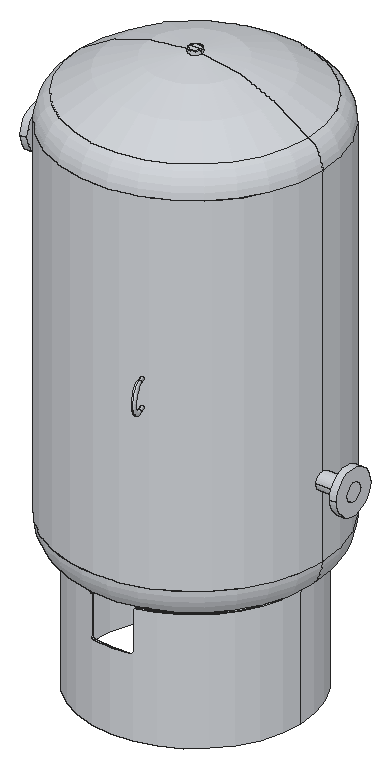
Revit family "HWBT-300-2-125 and 150", category Mechanical Equipment, Revit 2014
Parameters (values of type "HWBT-300-2-125 and 150")
  Tank Weight = "668 lbs @ 125, 735 lbs @ 150"
  Tank Volume = "300 Gal"
  Tank Height = "80 3/8\""
  Tank Diameter = "36\""
  Note = "All dimensions and weights are approximate"
  Maximum Acceptance Volume = "N/A"
  Max Operating Temp = "450° F"
  Max Operating Pressure = "125psi, or 150psi (depending on model)"
  Connector Size = "2\""
Reference planes (in)
  plane 1 "Center (Front/Back)": y = 0
  plane 2: z = 0
  plane 3 "Center (Left/Right)": x = 0
Forms (in)
  Sweep 1, solid
    path origin (0.00567, -0.22084, -0.12453) x (0.338389, -0.941006, 0) y (0, 0, 1)
      loop
        line (17.83546, 48.42089) -> (18.83546, 48.42089)
        arc (18.83546, 48.42089) -> (20.71046, 46.54589) -> (18.83546, 44.67089) r 1.875
        line (18.83546, 44.67089) -> (17.83546, 44.67089)
    profile origin (6.21019, -17.47463, 48.29636) x (0, 0, 1) y (-0.941006, -0.338389, 0)
      loop
        circle (0, 0) r 0.25
  Extrusion 2, solid
    sketch origin (0, 0, 0) x (0, 1, 0) y (0, 0, 1)
      loop
        circle (0, 32.125) r 1.19
    from 0 to 22.5
  Extrusion 3, solid
    sketch origin (0, 0, 0) x (0, 1, 0) y (0, 0, 1)
      loop
        circle (0, 63.125) r 1.19141
    from 0 to -22.5
  Extrusion 4, solid
    sketch origin (0, 0, 0) x (0, 1, 0) y (0, 0, 1)
      loop
        circle (0, 32.125) r 3
    from 21.5 to 22.5
  Extrusion 5, solid
    sketch origin (0, 0, 0) x (0, 1, 0) y (0, 0, 1)
      loop
        circle (0, 63.125) r 3
    from -21.5 to -22.5
  Extrusion 6, solid
    sketch origin (0, 0, 0) x (1, 0, 0) y (0, 1, 0)
      loop
        circle (0, 0) r 15
      loop
        circle (0, 0) r 14.8125
    from 0 to 17
  Extrusion 7, void
    sketch origin (0, 0, 0) x (1, 0, 0) y (0, 0, 1)
      loop
        arc (-3.4137, 17) -> (-3.12117, 16.87883) -> (-3, 16.5863) r 0.4137
        line (-3, 16.5863) -> (-3, 11.4137)
        arc (-3, 11.4137) -> (-2.87883, 11.12117) -> (-2.5863, 11) r 0.4137
        line (-2.5863, 11) -> (2.5863, 11)
        arc (2.5863, 11) -> (2.87883, 11.12117) -> (3, 11.4137) r 0.4137
        line (3, 11.4137) -> (3, 16.5863)
        arc (3, 16.5863) -> (3.12117, 16.87883) -> (3.4137, 17) r 0.4137
        line (3.4137, 17) -> (3.45066, 17.20962) -> (-3.4137, 17.20962) -> (-3.4137, 17)
    from 0 to 18
  Extrusion 8, void
    sketch origin (0, 0, 0) x (1, 0, 0) y (0, 0, 1)
      loop
        line (-6, 17) -> (-6, 2.4137)
        arc (-6, 2.4137) -> (-5.87883, 2.12117) -> (-5.5863, 2) r 0.4137
        line (-5.5863, 2) -> (5.5863, 2)
        arc (5.5863, 2) -> (5.87883, 2.12117) -> (6, 2.4137) r 0.4137
        line (6, 2.4137) -> (6, 17.6637) -> (-6, 17.6637) -> (-6, 17)
    from 0 to -18
  Revolve 9, solid
    sketch origin (0, 0, 0) x (1, 0, 0) y (0, 0, 1)
      loop
        line (0, 80.88747) -> (-0.80591, 80.88747)
        arc (-0.80591, 80.88747) -> (-0.85014, 80.86915) -> (-0.86845, 80.82493) r 0.06254
        line (-0.86845, 80.82493) -> (-0.89214, 80.37289)
        arc (-0.89214, 80.37289) -> (-8.94224, 78.87372) -> (-16.17999, 75.04403) r 27.168
        arc (-16.17999, 75.04403) -> (-17.55638, 73.46039) -> (-18.082, 71.42911) r 4.57937
        line (-18.082, 71.42911) -> (-18.082, 21.72098)
        arc (-18.082, 21.72098) -> (-17.56016, 19.61914) -> (-16.17999, 17.95027) r 4.87859
        arc (-16.17999, 17.95027) -> (-8.93864, 14.12339) -> (-0.88417, 12.63757) r 27.06844
        line (-0.88417, 12.63757) -> (-0.86845, 12.18762)
        arc (-0.86845, 12.18762) -> (-0.85014, 12.1434) -> (-0.80591, 12.12508) r 0.06254
        line (-0.80591, 12.12508) -> (0, 12.12508) -> (0, 80.88747)
      axis (0, 80.88747) -> (0, 12.12508)
    angle from 0 to 360
Cuts and joins
  Extrusion 7, Extrusion 8 cuts Extrusion 6
Dimensions and locks (in)
  aligned and locked: level to plane 2
